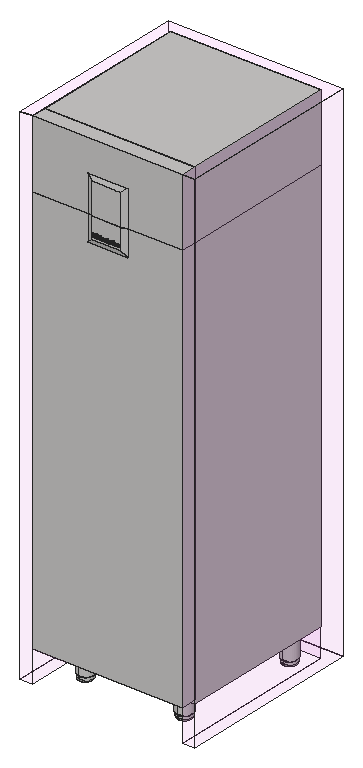
Revit family "QF_ELECTROLUXPROFESSIONAL_691345_PS04R1FLHC", category Specialty Equipment, Revit 2018
Family settings
  Round Connector Dimension = Use Diameter
  Part Type = Normal
  Work Plane-Based = No
  Always vertical = Yes
  Cut with Voids When Loaded = No
  Shared = No
  Room Calculation Point = No
Parameters (values of type "Standard")
  Weight = 20.3689 lbm
  Watts = 0 W
  Volts = 220 V
  URL Manufacturer = "http://professional.electrolux.com"
  URL = "http://professional.electrolux.com"
  Steam Supply Size = 0"
  Steam Supply Minimum Pressure = 0.00 psi
  Steam Supply Maximum Pressure = 0.00 psi
  Steam Pounds per Hour = 0
  Show Clearance [instance] = yes
  Refrigeration Suction Line Size = 0"
  Refrigeration Liquid Line Size = 0"
  Refrigerant Compressor Remote = yes
  Phase = 1
  Model = "PS04R1FLHC"
  Manufacturer = "Electrolux Professional"
  Length Actual = 600 mm  # constant formula
  Item Number = "691345"
  Hot Water Size = 0"
  Height Actual = 2040 mm  # constant formula
  HP = "0.2 HP"
  Gas Size = 0"
  Gas KW = 0
  Gas Input Pressure = 0.0 Btu/h
  Direct Waste Size = 0"
  Description = "1-DOOR REFRIGERATOR 470LT,0/+10°,PROSTORE,R290-LEFT"
  Depth Actual = 700 mm  # constant formula
  Cycle = 50 Hz
  Condensate Return Size = 0"
  Compressed Air Volume = 0 GPM
  Compressed Air Size = 0"
  Compressed Air Pressure = 0.00 psi
  Cold Water Size = 0"
  Accessory = yes
Types (2, lengths in mm): name | URL | Phase | Model | Manufacturer | Description
  (no name) | "http://professional.electrolux.com/" | 0 | "RBC201" | "Electrolux" | "BLAST CHILLER 56 KG 20 GN1/1"
  Standard | "http://professional.electrolux.com" | 1 | "PS04R1FLHC" | "Electrolux Professional" | "1-DOOR REFRIGERATOR 470LT,0/+10°,PROSTORE,R290-LEFT"
Values of the unnamed type that differ from the named types
  Volts = 380 V
  URL Manufacturer = "http://professional.electrolux.com/"
  Item Number = "726624"
Reference planes
  plane 1 "BACK": y = 0
  plane 2: z = 0
  plane 3 "LEFT": x = 0
  plane 4 "RIGHT": x = 600
  plane 5 "FRONT": y = -700
  plane 6 "TOP": z = 2040
  plane 7 "Center Y": x = 300
  plane 8 "Center X": y = -350
  plane 9: x = 102
  plane 10: x = 498
  plane 11: z = 115
  plane 12: z = 86
  plane 13: y = -80
  plane 14: y = -694
  plane 15: y = -1227
  plane 16: y = -630
  plane 17: z = 1770
  plane 18: x = -50
  plane 19: y = 50
  plane 20: x = 650
Forms (mm)
  Extrusion 1, solid, material "QF_Metal - Stainless - Polished"
    sketch origin (0, 0, 0) x (1, 0, 0) y (0, 0, 1)
      loop
        line (0, 2040) -> (0, 1770) -> (600, 1770) -> (600, 2040) -> (0, 2040)
    from 0 to 630
  Extrusion 2, solid, material "QF_Metal - Stainless - Polished"
    sketch origin (0, 0, 0) x (1, 0, 0) y (0, 0, 1)
      loop
        line (0, 1770) -> (0, 115) -> (600, 115) -> (600, 1770) -> (0, 1770)
    from 0 to 630
  Extrusion 3, solid, material "QF_Metal - Stainless - Polished"
    sketch origin (-370, 0, -128) x (1, 0, 0) y (0, 0, 1)
      loop
        circle (450, 1847.083) r 20
    from -7.507 to 0
  Extrusion 4, solid, material "QF_Metal - Stainless - Polished"
    sketch origin (0, 130.478, 0) x (1, 0, 0) y (0, 0, 1)
      loop
        line (0, 2040) -> (0, 1770) -> (600, 1770) -> (600, 2040) -> (0, 2040)
    from 760.478 to 824.478
  Extrusion 5, solid, material "QF_Metal - Stainless - Polished"
    sketch origin (0, 140, 0) x (1, 0, 0) y (0, 0, 1)
      loop
        line (0, 1770) -> (0, 127.536) -> (600, 127.536) -> (600, 1770) -> (0, 1770)
    from 834 to 770
  Revolve 6, solid, material "QF_Metal - Stainless - Polished"
    sketch origin (497.59, -2.833, 0) x (0, 1, 0) y (0, 0, -1)
      loop
        line (-590.954, -115) -> (-553.167, -115) -> (-553.167, 0) -> (-578.757, 0)
        arc (-578.757, 0) -> (-580.973, -2.655) -> (-581.767, -6.021) r 7.527
        line (-581.767, -6.021) -> (-581.767, -17.561) -> (-585.28, -21.074) -> (-585.28, -110.008) -> (-590.954, -110.008) -> (-590.954, -115)
      axis (-553.167, 0) -> (-553.167, -115)
    angle from 0 to 360
  Revolve 7, solid, material "QF_Metal - Stainless - Polished"
    sketch origin (102, -2.833, 0) x (0, 1, 0) y (0, 0, 1)
      loop
        line (-590.954, 115) -> (-590.954, 110.008) -> (-585.28, 110.008) -> (-585.28, 21.074) -> (-581.767, 17.561) -> (-581.767, 6.021)
        arc (-581.767, 6.021) -> (-580.973, 2.655) -> (-578.757, 0) r 7.527
        line (-578.757, 0) -> (-553.167, 0) -> (-553.167, 115) -> (-590.954, 115)
      axis (-553.167, 0) -> (-553.167, 115)
    angle from 0 to 360
  Revolve 8, solid, material "QF_Metal - Stainless - Polished"
    sketch origin (538, -759.167, 0) x (0, -1, 0) y (0, 0, 1)
      loop
        line (-716.954, 115) -> (-716.954, 110.008) -> (-711.28, 110.008) -> (-711.28, 21.074) -> (-707.767, 17.561) -> (-707.767, 6.021)
        arc (-707.767, 6.021) -> (-706.973, 2.655) -> (-704.757, 0) r 7.527
        line (-704.757, 0) -> (-679.167, 0) -> (-679.167, 115) -> (-716.954, 115)
      axis (-679.167, 0) -> (-679.167, 115)
    angle from 0 to 360
  Revolve 9, solid, material "QF_Metal - Stainless - Polished"
    sketch origin (62, -759.167, 0) x (0, -1, 0) y (0, 0, 1)
      loop
        line (-716.954, 115) -> (-716.954, 110.008) -> (-711.28, 110.008) -> (-711.28, 21.074) -> (-707.767, 17.561) -> (-707.767, 6.021)
        arc (-707.767, 6.021) -> (-706.973, 2.655) -> (-704.757, 0) r 7.527
        line (-704.757, 0) -> (-679.167, 0) -> (-679.167, 115) -> (-716.954, 115)
      axis (-679.167, 0) -> (-679.167, 115)
    angle from 0 to 360
  Blend 10, solid, material "QF_Metal - Stainless - Polished"
    base sketch origin (-150, -694, 0) x (1, 0, 0) y (0, 0, 1)
      loop
        line (370, 1914.822) -> (370, 1664.822) -> (530, 1664.822) -> (530, 1914.822) -> (370, 1914.822)
    top sketch origin (-150, -694, 0) x (1, 0, 0) y (0, 0, 1)
      loop
        line (510, 1894.822) -> (390, 1894.822) -> (390, 1684.822) -> (510, 1684.822) -> (510, 1894.822)
    from 0 to 6
  Extrusion 11, void
    sketch origin (-150, -700, 0) x (-1, 0, 0) y (0, 0, 1)
      loop
        line (-370, 1770.997) -> (-530, 1770.997) -> (-530, 1769.003) -> (-370, 1769.003) -> (-370, 1770.997)
    from 0 to 6
  Extrusion 12, solid, material "QF_Door-Drawer Clearances"
    sketch origin (0, 0, 0) x (1, 0, 0) y (0, 1, 0)
      loop
        line (0, -694) -> (0, 0) -> (600, 0) -> (600, -694) -> (650, -694) -> (650, 50) -> (-50, 50) -> (-50, -694) -> (0, -694)
    from 0 to 2040
  Extrusion 13, solid, material "QF_Door-Drawer Clearances", visible <- "Show Clearance", detail levels coarse
    sketch origin (600, 0, 0) x (-1, 0, 0) y (0, -1, 0)
      loop
        line (600, 694) -> (600, 1227)
        arc (600, 1227) -> (187.42, 1087.232) -> (0, 694) r 559.707
        line (0, 694) -> (600, 694)
    from 127.536 to 1770
Cuts and joins
  Extrusion 11 cuts Extrusion 1
  Extrusion 11 cuts Extrusion 2
  Extrusion 11 cuts Extrusion 4
  Extrusion 11 cuts Extrusion 5
  Extrusion 11 cuts Blend 10
Lines and regions (mm)
  Split face 1
    outline origin (-150, -700, 0) x (1, 0, 0) y (0, 0, 1)
      loop
        line (415, 1894.822) -> (415, 1742.499) -> (485, 1742.499) -> (485, 1894.822)
  symbolic lines
    curve 1: line (0, 0, 0) -> (600, 0, 0)
    curve 2: line (0, -694, 0) -> (0, 0, 0)
    curve 3: line (600, -694, 0) -> (0, -694, 0)
    curve 4: line (600, 0, 0) -> (600, -694, 0)
    curve 5: line (0, -630, 0) -> (600, -630, 0)
    curve 6: line (220, -694, 0) -> (240, -700, 0)
    curve 7: line (240, -700, 0) -> (360, -700, 0)
    curve 8: line (360, -700, 0) -> (380, -694, 0)
  symbolic lines, style "QF_Door-Drawer Clearances"
    curve 9: arc (600, -694, 0) -> (412.58, -1087.232, 0) -> (0, -1227, 0) r 559.707
    curve 10: line (0, -1227, 0) -> (0, -694, 0)
    curve 11: line (0, -694, 0) -> (-50, -694, 0)
    curve 12: line (-50, -694, 0) -> (-50, 50, 0)
    curve 13: line (-50, 50, 0) -> (650, 50, 0)
    curve 14: line (650, 50, 0) -> (650, -694, 0)
    curve 15: line (650, -694, 0) -> (600, -694, 0)
Dimensions and locks
  equal spacing: plane 3 "LEFT", plane 7 "Center Y", plane 4 "RIGHT"
  plane 3 "LEFT" to plane 4 "RIGHT" = 600 mm
  equal spacing: plane 5 "FRONT", plane 8 "Center X", plane 1 "BACK"
  plane 5 "FRONT" to plane 1 "BACK" = 700 mm
  plane 6 "TOP" to level = 2040 mm
  plane 9 to plane 3 "LEFT" = 102 mm
  plane 10 to plane 4 "RIGHT" = 102 mm
  plane 11 to level = 115 mm
  plane 12 to plane 11 = 29 mm
  plane 1 "BACK" to plane 13 = 80 mm
  plane 15 to plane 1 "BACK" = 1227 mm
  plane 11 to plane 2 = 115 mm
  plane 1 "BACK" to plane 16 = 630 mm
  plane 18 to plane 3 "LEFT" = 50 mm
  plane 4 "RIGHT" to plane 20 = 50 mm
  plane 1 "BACK" to plane 19 = 50 mm
  aligned and locked: level to plane 2
  aligned and locked: Extrusion 4 to plane 4 "RIGHT"
  aligned and locked: Extrusion 4 to plane 3 "LEFT"
  aligned and locked: plane 5 "FRONT" to Blend 10
Automatic sketch dimensions
  Extrusion 3 sketch curve to plane 9 = 22 mm
  Extrusion 3 sketch curve to plane 17 = 50.917 mm
  plane 11 to Revolve 6 sketch curve = 0 mm
  Revolve 6 sketch curve to level = 0 mm
  plane 16 to Revolve 6 sketch curve = 36.213 mm
  Revolve 6 sketch curve to Revolve 6 sketch curve = 5.674 mm
  Revolve 6 sketch curve to Revolve 6 sketch curve = 3.513 mm  (x2)
  Revolve 6 sketch curve to Revolve 6 sketch curve = 3.01 mm
  level to Revolve 6 sketch curve = 6.021 mm
  Revolve 6 sketch curve to Revolve 6 sketch curve = 21.073 mm
  Revolve 6 sketch curve to plane 11 = 4.992 mm  (x2)
  Revolve 6 sketch curve to Revolve 6 sketch curve = 15.053 mm
  Revolve 6 sketch curve to Revolve 6 sketch curve = 0 mm
  Revolve 6 sketch curve to Revolve 6 sketch curve = 20.008 mm
  Revolve 7 sketch curve to plane 11 = 0 mm
  Revolve 7 sketch curve to level = 0 mm
  plane 16 to Revolve 7 sketch curve = 36.213 mm
  Revolve 7 sketch curve to Revolve 7 sketch curve = 5.674 mm
  Revolve 7 sketch curve to Revolve 7 sketch curve = 3.513 mm  (x2)
  Revolve 7 sketch curve to Revolve 7 sketch curve = 3.01 mm
  level to Revolve 7 sketch curve = 6.021 mm
  Revolve 7 sketch curve to Revolve 7 sketch curve = 21.073 mm
  Revolve 7 sketch curve to Revolve 7 sketch curve = 11.54 mm
  Revolve 7 sketch curve to plane 11 = 4.992 mm
  Revolve 7 sketch curve to Revolve 7 sketch curve = 0 mm
  Revolve 7 sketch curve to Revolve 7 sketch curve = 4.992 mm
  plane 11 to Revolve 7 sketch curve = 20.008 mm
  Revolve 8 sketch curve to plane 11 = 0 mm
  Revolve 8 sketch curve to level = 0 mm
  Revolve 8 sketch curve to plane 13 = 0 mm  (x2)
  level to Revolve 8 sketch curve = 6.021 mm
  Revolve 8 sketch curve to plane 13 = 21.073 mm
  Revolve 8 sketch curve to Revolve 8 sketch curve = 4.517 mm
  Revolve 8 sketch curve to Revolve 8 sketch curve = 3.513 mm  (x2)
  Revolve 8 sketch curve to Revolve 8 sketch curve = 5.674 mm
  Revolve 8 sketch curve to Revolve 8 sketch curve = 11.54 mm
  Revolve 8 sketch curve to plane 11 = 4.992 mm  (x2)
  Revolve 8 sketch curve to Revolve 8 sketch curve = 20.008 mm
  Revolve 9 sketch curve to plane 11 = 0 mm
  Revolve 9 sketch curve to level = 0 mm
  Revolve 9 sketch curve to plane 13 = 0 mm  (x2)
  Revolve 9 sketch curve to level = 6.021 mm
  plane 13 to Revolve 9 sketch curve = 21.073 mm
  Revolve 9 sketch curve to Revolve 9 sketch curve = 4.517 mm
  Revolve 9 sketch curve to Revolve 9 sketch curve = 3.513 mm  (x2)
  Revolve 9 sketch curve to Revolve 9 sketch curve = 5.674 mm
  Revolve 9 sketch curve to Revolve 9 sketch curve = 11.54 mm
  plane 11 to Revolve 9 sketch curve = 4.992 mm  (x2)
  Revolve 9 sketch curve to Revolve 9 sketch curve = 20.008 mm
  Extrusion 1 sketch curve to plane 3 "LEFT" = 0 mm
  plane 4 "RIGHT" to Extrusion 1 sketch curve = 0 mm
  Extrusion 1 sketch curve to plane 17 = 0 mm
  Extrusion 1 sketch curve to plane 6 "TOP" = 0 mm
  Extrusion 2 sketch curve to plane 3 "LEFT" = 0 mm
  plane 4 "RIGHT" to Extrusion 2 sketch curve = 0 mm
  Extrusion 2 sketch curve to plane 11 = 0 mm
  Extrusion 2 sketch curve to plane 17 = 0 mm
  Extrusion 4 sketch curve to plane 3 "LEFT" = 0 mm
  plane 4 "RIGHT" to Extrusion 4 sketch curve = 0 mm
  Extrusion 4 sketch curve to plane 17 = 0 mm
  Extrusion 4 sketch curve to plane 6 "TOP" = 0 mm
  Extrusion 5 sketch curve to plane 3 "LEFT" = 0 mm
  plane 4 "RIGHT" to Extrusion 5 sketch curve = 0 mm
  Extrusion 5 sketch curve to plane 17 = 0 mm
  plane 11 to Extrusion 5 sketch curve = 12.536 mm
  Blend 10 sketch curve to Extrusion 5 = 105.178 mm
  Blend 10 sketch curve to Extrusion 5 = 220 mm
  Blend 10 sketch curve to Blend 10 sketch curve = 160 mm
  Extrusion 5 to Blend 10 sketch curve = 144.822 mm
  Blend 10 sketch curve to Extrusion 5 = 240 mm
  Blend 10 sketch curve to Blend 10 sketch curve = 120 mm
  Blend 10 sketch curve to Extrusion 5 = 85.178 mm
  Extrusion 5 to Blend 10 sketch curve = 124.822 mm
  Split face 1 sketch curve to Blend 10 = 0 mm  (x2)
  Split face 1 sketch curve to Blend 10 = 25 mm  (x2)
  Split face 1 sketch curve to Blend 10 = 57.677 mm
  Extrusion 11 sketch curve to Blend 10 = 20 mm  (x2)
  Blend 10 to Extrusion 11 sketch curve = 84.181 mm
  Extrusion 11 sketch curve to Extrusion 11 sketch curve = 1.995 mm
  plane 14 to Extrusion 12 sketch curve = 0 mm  (x2)
  Extrusion 12 sketch curve to plane 18 = 0 mm
  Extrusion 12 sketch curve to plane 3 "LEFT" = 0 mm
  Extrusion 12 sketch curve to plane 4 "RIGHT" = 0 mm
  Extrusion 12 sketch curve to plane 19 = 0 mm
  Extrusion 12 sketch curve to plane 20 = 0 mm
  plane 1 "BACK" to Extrusion 12 sketch curve = 0 mm
  Extrusion 13 sketch curve to plane 4 "RIGHT" = 0 mm
  Extrusion 13 sketch curve to plane 3 "LEFT" = 0 mm
  plane 14 to Extrusion 13 sketch curve = 0 mm
  Extrusion 13 sketch curve to plane 15 = 0 mm
  Extrusion 13 sketch curve to plane 14 = 25.214 mm
  curve 13 to plane 18 = 0 mm
  curve 3 to plane 3 "LEFT" = 0 mm
  plane 14 to curve 6 = 0 mm
  plane 5 "FRONT" to curve 7 = 0 mm
  curve 15 to plane 4 "RIGHT" = 0 mm
  curve 14 to plane 20 = 0 mm
  curve 10 to plane 15 = 0 mm
  curve 5 to plane 16 = 0 mm
  plane 1 "BACK" to curve 4 = 0 mm
  curve 13 to plane 19 = 0 mm
  curve 9 to plane 14 = 25.214 mm
  curve 7 to plane 7 "Center Y" = 60 mm
  plane 7 "Center Y" to curve 8 = 60 mm
  curve 6 to curve 6 = 20 mm
  curve 7 to curve 8 = 20 mm
  radius of Extrusion 3 sketch curve = 20 mm
Nested families
  nested 1: "ELX_Logo_S" at (300.625, -700, 1704.375) x (1, 0, 0) z (0, -1, 0), type "ELX_Logo_S"
Connectors
  electrical at (80, 7.507, 1719.083), driven by "Volts"
    settings: on Extrusion 3, index 2, voltage 220 V, apparent load 0 VA, apparent load phase1 0 VA, apparent load phase2 0 VA, apparent load phase3 0 VA, power factor 1, load classification "Other", number of poles 1, system type 30, power factor state 1, is connector primary yes, connector utility no, sub classification motor no, connector description "Electrical Connection"
Definition of nested family "ELX_Logo_S"
  Parameters (values of type "ELX_Logo_S")
    Default Elevation = 0 mm
  Reference planes
    plane 1 "Centro (Fronte/Retro)": y = 0
    plane 2: z = 0
    plane 3 "Centro (Sinistra/Destra)": x = 0
  Forms (mm)
    Extrusion 1, solid
      sketch origin (0, 0, 0) x (1, 0, 0) y (0, 1, 0)
        loop
          line (-1219.2, 1219.2) -> (-1219.2, -1219.2) -> (1219.2, -1219.2) -> (1219.2, 1219.2) -> (-1219.2, 1219.2)
      from 0 to -304.8
    Extrusion 2, solid
      sketch origin (0, 0, 0) x (1, 0, 0) y (0, 1, 0)
        loop
          line (-43.793, 5.912) -> (-43.793, -6.455)
          arc (-43.793, -6.455) -> (-39.222, -0.272) -> (-43.793, 5.912) r 6.467
        loop
          arc (-44.422, 5.912) -> (-49.565, 4.743) -> (-52.043, 0.087) r 6.338
          line (-52.043, 0.087) -> (-49.997, 0.087)
          arc (-49.997, 0.087) -> (-46.342, 1.57) -> (-44.422, 5.016) r 5.941
          line (-44.422, 5.016) -> (-44.422, 5.912)
        loop
          arc (-44.422, -5.559) -> (-46.342, -2.114) -> (-49.997, -0.63) r 5.941
          line (-49.997, -0.63) -> (-52.043, -0.63)
          arc (-52.043, -0.63) -> (-49.569, -5.324) -> (-44.422, -6.614) r 6.504
          line (-44.422, -6.614) -> (-44.422, -5.559)
        loop
          line (-52.512, 6.586) -> (-52.512, -7.158) -> (-38.749, -7.158) -> (-38.749, 6.586) -> (-52.512, 6.586)
        loop
          arc (-35.782, 6.67) -> (-36.139, 6.322) -> (-35.801, 5.955) r 0.358
          arc (-35.801, 5.955) -> (-35.051, 5.641) -> (-34.666, 4.924) r 1.216
          line (-34.666, 4.924) -> (-34.666, -5.488)
          arc (-34.666, -5.488) -> (-34.944, -6.148) -> (-35.54, -6.544) r 1.238
          arc (-35.54, -6.544) -> (-35.791, -6.939) -> (-35.437, -7.244) r 0.358
          line (-35.437, -7.244) -> (-25.558, -7.244) -> (-25.558, -4.494) -> (-26.455, -4.494)
          arc (-26.455, -4.494) -> (-27.035, -5.403) -> (-28.012, -5.858) r 1.928
          line (-28.012, -5.858) -> (-30.511, -5.858)
          arc (-30.511, -5.858) -> (-31.24, -5.583) -> (-31.604, -4.894) r 1.101
          line (-31.604, -4.894) -> (-31.604, -0.808) -> (-27.931, -0.808)
          arc (-27.931, -0.808) -> (-27.434, -1.16) -> (-27.206, -1.725) r 1.083
          arc (-27.206, -1.725) -> (-26.9, -1.989) -> (-26.622, -1.697) r 0.292
          line (-26.622, -1.697) -> (-26.622, 1.265)
          arc (-26.622, 1.265) -> (-26.895, 1.568) -> (-27.225, 1.329) r 0.305
          arc (-27.225, 1.329) -> (-27.473, 0.839) -> (-27.931, 0.534) r 1.083
          line (-27.931, 0.534) -> (-31.604, 0.534) -> (-31.604, 5.211) -> (-27.857, 5.211)
          arc (-27.857, 5.211) -> (-27.101, 4.997) -> (-26.603, 4.39) r 1.314
          arc (-26.603, 4.39) -> (-26.199, 4.171) -> (-25.907, 4.526) r 0.361
          line (-25.907, 4.526) -> (-25.907, 6.67) -> (-35.782, 6.67)
        loop
          arc (-25.126, 5.953) -> (-24.207, 5.572) -> (-23.827, 4.654) r 1.299
          line (-23.827, 4.654) -> (-23.827, -4.925)
          arc (-23.827, -4.925) -> (-24.205, -5.763) -> (-25.083, -6.035) r 1.118
          line (-25.083, -6.035) -> (-25.083, -7.244) -> (-19.733, -7.244) -> (-19.733, -6.056)
          arc (-19.733, -6.056) -> (-20.65, -5.784) -> (-21.046, -4.914) r 1.153
          line (-21.046, -4.914) -> (-21.046, 7.158) -> (-25.126, 5.953)
        loop
          line (-17.097, -2.28) -> (-10.65, -2.28) -> (-10.65, -1.481)
          arc (-10.65, -1.481) -> (-11.634, 1.1) -> (-14.088, 2.369) r 3.874
          line (-14.088, 2.369) -> (-15.848, 2.369)
          arc (-15.848, 2.369) -> (-18.713, 1.182) -> (-19.899, -1.682) r 4.051
          line (-19.899, -1.682) -> (-19.899, -3.691)
          arc (-19.899, -3.691) -> (-18.414, -6.509) -> (-15.407, -7.561) r 4.352
          arc (-15.407, -7.561) -> (-12.944, -7.196) -> (-10.87, -5.819) r 5.713
          line (-10.87, -5.819) -> (-10.87, -4.87)
          arc (-10.87, -4.87) -> (-12.439, -5.603) -> (-14.157, -5.819) r 5.579
          arc (-14.157, -5.819) -> (-16.12, -5.025) -> (-17.097, -3.146) r 3.057
          line (-17.097, -3.146) -> (-17.097, -2.28)
        loop
          line (-17.097, -1.02) -> (-13.515, -1.02)
          arc (-13.515, -1.02) -> (-13.468, 0.436) -> (-14.627, 1.319) r 1.59
          line (-14.627, 1.319) -> (-15.457, 1.319)
          arc (-15.457, 1.319) -> (-16.712, 0.455) -> (-17.097, -1.02) r 2.184
        loop
          arc (-1.232, 1.771) -> (-2.906, 2.259) -> (-4.643, 2.417) r 9.023
          line (-4.643, 2.417) -> (-6.005, 2.417)
          arc (-6.005, 2.417) -> (-8.805, 1.257) -> (-9.965, -1.542) r 3.959
          line (-9.965, -1.542) -> (-9.965, -4.142)
          arc (-9.965, -4.142) -> (-8.672, -6.424) -> (-6.299, -7.541) r 4.331
          line (-6.299, -7.541) -> (-4.164, -7.541)
          arc (-4.164, -7.541) -> (-2.614, -7.033) -> (-1.268, -6.112) r 5.772
          arc (-1.268, -6.112) -> (-1.217, -5.35) -> (-1.976, -5.263) r 0.553
          arc (-1.976, -5.263) -> (-2.71, -5.651) -> (-3.529, -5.785) r 2.573
          line (-3.529, -5.785) -> (-5.044, -5.785)
          arc (-5.044, -5.785) -> (-6.686, -4.779) -> (-7.328, -2.965) r 2.884
          line (-7.328, -2.965) -> (-7.328, -1.686)
          arc (-7.328, -1.686) -> (-6.768, 0.135) -> (-5.103, 1.062) r 2.554
          line (-5.103, 1.062) -> (-4.05, 1.062)
          arc (-4.05, 1.062) -> (-3.122, 0.73) -> (-2.387, 0.073) r 2.564
          arc (-2.387, 0.073) -> (-1.67, -0.148) -> (-1.232, 0.461) r 0.643
          line (-1.232, 0.461) -> (-1.232, 1.771)
        loop
          line (-0.962, 0.752) -> (0.539, 0.752) -> (0.539, -5.296)
          arc (0.539, -5.296) -> (1.197, -6.884) -> (2.785, -7.541) r 2.246
          line (2.785, -7.541) -> (4.369, -7.541)
          arc (4.369, -7.541) -> (5.233, -7.228) -> (6.005, -6.727) r 4.06
          arc (6.005, -6.727) -> (6.138, -5.995) -> (5.437, -5.743) r 0.576
          arc (5.437, -5.743) -> (4.911, -5.849) -> (4.379, -5.785) r 1.69
          arc (4.379, -5.785) -> (3.591, -5.244) -> (3.288, -4.337) r 1.506
          line (3.288, -4.337) -> (3.288, 0.801) -> (5.685, 0.801) -> (6.241, 1.357) -> (6.241, 2.179) -> (3.382, 2.179) -> (3.382, 5.41) -> (-0.962, 0.752)
        loop
          line (7.139, -7.324) -> (12.526, -7.324) -> (12.526, -6.214)
          arc (12.526, -6.214) -> (11.575, -5.82) -> (11.181, -4.869) r 1.345
          line (11.181, -4.869) -> (11.181, -1.253)
          arc (11.181, -1.253) -> (11.773, -0.488) -> (12.695, -0.199) r 1.615
          line (12.695, -0.199) -> (14.251, -0.199) -> (14.936, 2.357) -> (13.553, 2.357) -> (10.994, 0.414) -> (10.994, 2.295) -> (8.288, 2.01)
          arc (8.288, 2.01) -> (7.758, 1.571) -> (7.959, 0.912) r 0.621
          arc (7.959, 0.912) -> (8.301, 0.512) -> (8.484, 0.018) r 1.501
          line (8.484, 0.018) -> (8.484, -4.869)
          arc (8.484, -4.869) -> (8.09, -5.82) -> (7.139, -6.214) r 1.345
          line (7.139, -6.214) -> (7.139, -7.324)
        loop
          line (14.473, -1.222) -> (14.473, -3.914)
          arc (14.473, -3.914) -> (15.781, -6.36) -> (18.311, -7.494) r 4.288
          arc (18.311, -7.494) -> (19.692, -7.557) -> (21.072, -7.494) r 15.022
          arc (21.072, -7.494) -> (23.603, -6.36) -> (24.91, -3.914) r 4.288
          line (24.91, -3.914) -> (24.91, -1.222)
          arc (24.91, -1.222) -> (23.603, 1.223) -> (21.072, 2.357) r 4.288
          arc (21.072, 2.357) -> (19.692, 2.421) -> (18.311, 2.357) r 15.022
          arc (18.311, 2.357) -> (15.781, 1.223) -> (14.473, -1.222) r 4.288
        loop
          line (17.587, -1.017) -> (17.587, -4.119)
          arc (17.587, -4.119) -> (19.744, -6.276) -> (21.901, -4.119) r 2.157
          line (21.901, -4.119) -> (21.901, -1.017)
          arc (21.901, -1.017) -> (19.744, 1.14) -> (17.587, -1.017) r 2.157
        loop
          arc (24.768, 5.964) -> (25.662, 5.593) -> (26.033, 4.699) r 1.264
          line (26.033, 4.699) -> (26.033, -5.165)
          arc (26.033, -5.165) -> (25.636, -6.035) -> (24.72, -6.307) r 1.153
          line (24.72, -6.307) -> (24.72, -7.244) -> (29.828, -7.244) -> (29.828, -6.316)
          arc (29.828, -6.316) -> (29.056, -5.957) -> (28.741, -5.165) r 1.153
          line (28.741, -5.165) -> (28.741, 7.158) -> (24.768, 5.964)
        loop
          arc (29.365, 1.084) -> (30.43, 0.885) -> (30.912, -0.085) r 1.215
          line (30.912, -0.085) -> (30.912, -5.105)
          arc (30.912, -5.105) -> (31.559, -6.719) -> (33.142, -7.44) r 2.338
          line (33.142, -7.44) -> (34.657, -7.44)
          arc (34.657, -7.44) -> (35.661, -7.266) -> (36.547, -6.763) r 2.979
          line (36.547, -6.763) -> (38.344, -7.244) -> (40.032, -7.244) -> (40.032, 2.181) -> (35.829, 1.887) -> (35.829, 1.101)
          arc (35.829, 1.101) -> (36.665, 0.745) -> (37.174, -0.007) r 1.605
          line (37.174, -0.007) -> (37.174, -5.11)
          arc (37.174, -5.11) -> (36.237, -5.531) -> (35.213, -5.603) r 2.94
          arc (35.213, -5.603) -> (34.112, -5.042) -> (33.669, -3.889) r 1.724
          line (33.669, -3.889) -> (33.669, 2.307) -> (29.365, 1.084)
        loop
          line (40.886, 2.112) -> (42.932, 0.44) -> (45.238, -2.734) -> (42.126, -6.191)
          arc (42.126, -6.191) -> (41.732, -6.428) -> (41.273, -6.405) r 0.789
          line (41.273, -6.405) -> (41.273, -7.244) -> (44.818, -7.244) -> (44.818, -6.418)
          arc (44.818, -6.418) -> (44.456, -6.076) -> (44.548, -5.586) r 0.52
          line (44.548, -5.586) -> (46.019, -3.786) -> (47.394, -5.904)
          arc (47.394, -5.904) -> (47.084, -6.305) -> (46.585, -6.392) r 0.7
          line (46.585, -6.392) -> (46.585, -7.244) -> (52.512, -7.244) -> (52.512, -6.358)
          arc (52.512, -6.358) -> (51.853, -6.291) -> (51.322, -5.896) r 1.247
          line (51.322, -5.896) -> (48.041, -1.696) -> (50.094, 0.751) -> (51.836, 2.112) -> (48.112, 2.112) -> (48.535, 0.627) -> (47.258, -0.895) -> (46.068, 0.806) -> (46.844, 2.112) -> (40.886, 2.112)
      from 0 to 1.644
  Dimensions and locks
    aligned and locked: plane 2 to Extrusion 1
    aligned and locked: level to Extrusion 1
